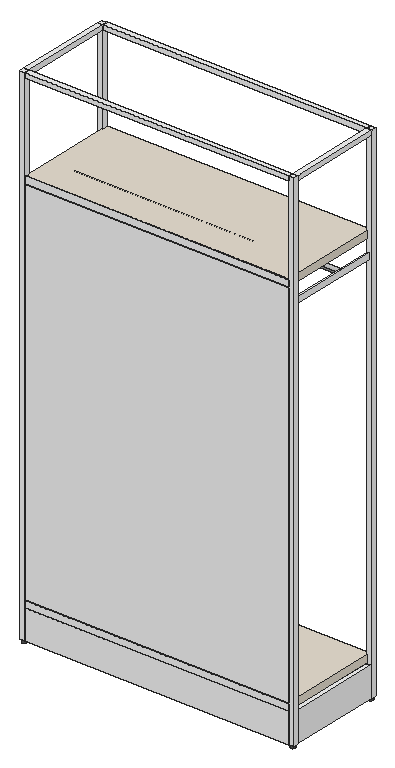
Revit family "Lives Shelf_Coat hanger Unit 1200W450D2236H_ML1EHMN_m01", category Furniture, Revit 2019
Family settings
  OmniClass Number = 23.40.20.00
  OmniClass Title = General Furniture and Specialties
  Work Plane-Based = No
  Always vertical = Yes
  Cut with Voids When Loaded = No
  Shared = No
  Room Calculation Point = No
Parameters (values of type "MU03（プライズウッドライト/ネオホワイト）")
  Manufacturer = "株式会社オカムラ"
  製品名称 [instance] = "ライブス シェルフ"  # constant formula
  製品仕様 [instance] = "コートハンガーユニット ハイタイプ 木棚板"  # constant formula
  製品コード/色仕様 = "ML1EHF"  # constant formula
  製品コード [instance] = "ML1EHF"  # constant formula
  製品カテゴリ = "クリエイティブファニチュア"  # constant formula
  色仕様名称 [instance] = "プライズウッドライト/ネオホワイト"
  色仕様コード [instance] = "MU03"
  支柱 = okm_ZA75
  天板 = okm_MX61
  導入日 [instance] = ""
  区分 = "シェルフ"  # constant formula
  共通仕様 = ""
  備考 = ""
  シリアルNo [instance] = ""
  Keynote = "12490"
  Assembly Code = "E2020200"
  W = 47.24409"
  URL = "http://www.okamura.co.jp/"
  Product_URL = ""
  ID [instance] = ""
  H = 88.0315"
  D = 17.71654"
  Copyright [instance] = "©2020.04 okamura Corp."  # constant formula
Types (15): name | 色仕様名称 | 色仕様コード | 支柱 | 天板
  (no name) | "プライズウッドライト/ネオホワイト" | "MU03" | okm_ZA75 | okm_MX61
  MDY7（プライズウッドライト/ブラック） | "プライズウッドライト/ブラック" | "MDY7" | okm_Z25 | okm_MX61
  MDY8（プライズウッドミディアム/ブラック） | "プライズウッドミディアム/ブラック" | "MDY8" | okm_Z25 | okm_MX62
  MDY9（プライズウッドダーク/ブラック） | "プライズウッドダーク/ブラック" | "MDY9" | okm_Z25 | okm_MX63
  MU03（プライズウッドライト/ネオホワイト） | "プライズウッドライト/ネオホワイト" | "MU03" | okm_ZA75 | okm_MX61
  MU04（プライズウッドミディアム/ネオホワイト） | "プライズウッドミディアム/ネオホワイト" | "MU04" | okm_ZA75 | okm_MX62
  MU05（プライズウッドダーク/ネオホワイト） | "プライズウッドダーク/ネオホワイト" | "MU05" | okm_ZA75 | okm_MX63
  MGM4（ビンテージエルム/ネオホワイト） | "ビンテージエルム/ネオホワイト" | "MGM4" | okm_ZA75 | okm_MEP4
  MGM1（チョークドエルム/ネオホワイト） | "チョークドエルム/ネオホワイト" | "MGM1" | okm_ZA75 | okm_MEP1
  MGM2（ソーンオーク/ネオホワイト） | "ソーンオーク/ネオホワイト" | "MGM2" | okm_ZA75 | okm_MEP2
  MGM3（ラスティックパイン/ネオホワイト） | "ラスティックパイン/ネオホワイト" | "MGM3" | okm_ZA75 | okm_MEP3
  MGL4（ビンテージエルム/ブラック） | "ビンテージエルム/ブラック" | "MGL4" | okm_Z25 | okm_MEP4
  MGL1（チョークドエルム/ブラック） | "チョークドエルム/ブラック" | "MGL1" | okm_Z25 | okm_MEP1
  MGL2（ソーンオーク/ブラック） | "ソーンオーク/ブラック" | "MGL2" | okm_Z25 | okm_MEP2
  MGL3（ラスティックパイン/ブラック） | "ラスティックパイン/ブラック" | "MGL3" | okm_Z25 | okm_MEP3
Reference planes (in)
  plane 1 "中心(正面/背面)": y = -3.93701
  plane 2: z = 0
  plane 3 "中心(左/右)": x = 0
  plane 4 "左": x = -23.62205
  plane 5 "右": x = 23.62205
  plane 6 "背面": y = 4.92126
  plane 7 "正面": y = -12.79528
  plane 8 "上": z = 88.0315
  plane 9: z = 87.20472
Forms (in)
  Extrusion 1, solid, material "okm_ZA75" <- "支柱"
    sketch origin (0, 0.04921, 0) x (1, 0, 0) y (0, 1, 0)
      loop
        line (22.69685, -11.91929) -> (22.69685, -12.74606) -> (23.52362, -12.74606) -> (23.52362, -11.91929) -> (22.69685, -11.91929)
      loop
        line (22.69685, 4.87205) -> (22.69685, 4.04528) -> (23.52362, 4.04528) -> (23.52362, 4.87205) -> (22.69685, 4.87205)
      loop
        line (-22.69685, -11.91929) -> (-23.52362, -11.91929) -> (-23.52362, -12.74606) -> (-22.69685, -12.74606) -> (-22.69685, -11.91929)
      loop
        line (-22.69685, 4.87205) -> (-23.52362, 4.87205) -> (-23.52362, 4.04528) -> (-22.69685, 4.04528) -> (-22.69685, 4.87205)
    from 0.3937 to 88.0315
  Extrusion 2, solid, material "okm_MX61" <- "天板"
    sketch origin (0, 0.04921, -7.45952) x (1, 0, 0) y (0, 1, 0)
      loop
        line (-22.61811, 4.87205) -> (-22.61811, -12.54921) -> (22.61811, -12.54921) -> (22.61811, 4.87205) -> (-22.61811, 4.87205)
    from 12.97134 to 14.15244
  Extrusion 3, solid, material "okm_ZA75" <- "支柱"
    sketch origin (0, 0.04921, 0) x (1, 0, 0) y (0, 1, 0)
      loop
        line (-23.52362, 4.04528) -> (-23.52362, -11.91929) -> (-22.69685, -11.91929) -> (-22.69685, 4.04528) -> (-23.52362, 4.04528)
      loop
        line (23.52362, 4.04528) -> (22.69685, 4.04528) -> (22.69685, -11.91929) -> (23.52362, -11.91929) -> (23.52362, 4.04528)
    from 88.0315 to 87.20472
  Extrusion 4, solid, material "okm_ZA75" <- "支柱"
    sketch origin (0, 0.04921, 18.11024) x (0, -1, 0) y (1, 0, 0)
      loop
        line (-4.04528, -22.61811) -> (-4.04528, -23.44488) -> (11.91929, -23.44488) -> (11.91929, -22.61811) -> (-4.04528, -22.61811)
      loop
        line (-4.04528, 23.44488) -> (-4.04528, 22.61811) -> (11.91929, 22.61811) -> (11.91929, 23.44488) -> (-4.04528, 23.44488)
    from -12.59843 to -17.71654
  Extrusion 5, solid, material "okm_ZA75" <- "支柱"
    sketch origin (-7.87402, -7.8248, 18.11024) x (-1, 0, 0) y (0, -1, 0)
      loop
        line (14.82283, -11.84055) -> (-30.57087, -11.84055) -> (-30.57087, -12.66732) -> (14.82283, -12.66732) -> (14.82283, -11.84055)
      loop
        line (14.82283, 4.79331) -> (-30.57087, 4.79331) -> (-30.57087, 3.96654) -> (14.82283, 3.96654) -> (14.82283, 4.79331)
    from -12.59843 to -17.71654
  Extrusion 6, solid, material "okm_G155"
    sketch origin (0, 0.04921, 0) x (1, 0, 0) y (0, 1, 0)
      loop
        circle (-23.11024, 4.45866) r 0.3937
      loop
        circle (-23.11024, -12.33268) r 0.3937
      loop
        circle (23.11024, 4.45866) r 0.3937
      loop
        circle (23.11024, -12.33268) r 0.3937
    from 0 to 0.3937
  Extrusion 7, solid, material "okm_ZA75" <- "支柱"
    sketch origin (-3.93701, 3.98622, 0) x (0, 1, 0) y (-1, 0, 0)
      loop
        line (-15.8563, -26.63386) -> (-15.8563, 18.75984) -> (-16.68307, 18.75984) -> (-16.68307, -26.63386) -> (-15.8563, -26.63386)
      loop
        line (0.93504, -26.63386) -> (0.93504, 18.75984) -> (0.10827, 18.75984) -> (0.10827, -26.63386) -> (0.93504, -26.63386)
    from 88.0315 to 87.20472
  Extrusion 8, solid, material "okm_MX61" <- "天板"
    sketch origin (0, 0.04921, 95.72642) x (1, 0, 0) y (0, 1, 0)
      loop
        line (-22.61811, 4.87205) -> (-22.61811, -12.54921) -> (22.61811, -12.54921) -> (22.61811, 4.87205) -> (-22.61811, 4.87205)
    from -24.86028 to -23.67918
  Extrusion 9, solid, material "okm_ZA75" <- "支柱"
    sketch origin (0, -3.93701, 0) x (1, 0, 0) y (0, 0, 1)
      loop
        line (-23.01181, 68.87008) -> (-23.01181, 67.88583) -> (-22.69685, 67.88583) -> (-22.69685, 68.87008) -> (-23.01181, 68.87008)
      loop
        line (22.69685, 68.87008) -> (22.69685, 67.88583) -> (23.01181, 67.88583) -> (23.01181, 68.87008) -> (22.69685, 68.87008)
    from -8.0315 to 7.93307
  Extrusion 10, solid, material "okm_FX4"
    sketch origin (0, 1.9685, 0) x (0, 1, 0) y (0, 0, 1)
      loop
        circle (-3.58268, 68.37795) r 0.43307
    from -22.69685 to 22.69685
  Extrusion 11, solid, material "okm_ZA75" <- "支柱"
    sketch origin (0, 0, 0) x (0, 1, 0) y (0, 0, 1)
      loop
        line (-12.69685, 70.70866) -> (-12.69685, 6.85039) -> (-11.87008, 6.85039) -> (-11.87008, 70.70866) -> (-12.69685, 70.70866)
      loop
        line (-12.69685, 72.04724) -> (-12.69685, 70.86614) -> (-12.5, 70.86614) -> (-12.5, 72.04724) -> (-12.69685, 72.04724)
      loop
        line (-12.5, 6.69291) -> (-12.69685, 6.69291) -> (-12.69685, 5.51181) -> (-12.5, 5.51181) -> (-12.5, 6.69291)
    from -22.61811 to 22.61811
Lines and regions (in)
  Masking region 1
    outline origin (0, 0, 0) x (1, 0, 0) y (0, 1, 0)
      loop
        line (-23.62205, 4.92126) -> (-23.62205, -12.79528) -> (23.62205, -12.79528) -> (23.62205, 4.92126) -> (-23.62205, 4.92126)
  symbolic lines, style "okm_簡略", detail levels coarse
    curve 1: line (23.62205, 4.92126, 0) -> (-23.62205, 4.92126, 0)
    curve 2: line (-23.62205, -12.79528, 0) -> (23.62205, -12.79528, 0)
    curve 3: line (-23.62205, 4.92126, 0) -> (-23.62205, -12.79528, 0)
    curve 7: line (23.62205, 4.92126, 0) -> (23.62205, -12.79528, 0)
    curve 13: line (23.62205, 4.09449, 0) -> (-23.62205, 4.09449, 0)
    curve 14: line (-23.62205, -11.9685, 0) -> (23.62205, -11.9685, 0)
    curve 15: line (-22.79528, 4.92126, 0) -> (-22.79528, -12.79528, 0)
    curve 16: line (22.79528, -12.79528, 0) -> (22.79528, 4.92126, 0)
    curve 17: line (-22.79528, -3.14961, 0) -> (22.79528, -3.14961, 0)
    curve 18: line (22.79528, -4.01575, 0) -> (-22.79528, -4.01575, 0)
  symbolic lines, style "okm_標準・詳細", detail levels medium+fine
    curve 4: line (-23.62205, 4.92126, 0) -> (23.62205, 4.92126, 0)
    curve 5: line (-23.62205, -12.79528, 0) -> (-23.62205, 4.92126, 0)
    curve 6: line (23.62205, -12.79528, 0) -> (-23.62205, -12.79528, 0)
    curve 8: line (23.62205, -12.79528, 0) -> (23.62205, 4.92126, 0)
    curve 9: line (23.62205, 4.09449, 0) -> (-23.62205, 4.09449, 0)
    curve 10: line (-22.79528, 4.92126, 0) -> (-22.79528, -12.79528, 0)
    curve 11: line (-23.62205, -11.9685, 0) -> (23.62205, -11.9685, 0)
    curve 12: line (22.79528, -12.79528, 0) -> (22.79528, 4.92126, 0)
    curve 19: line (22.79528, -3.14961, 0) -> (-22.79528, -3.14961, 0)
    curve 20: line (-22.79528, -4.01575, 0) -> (22.79528, -4.01575, 0)
Dimensions and locks (in)
  equal spacing: plane 4 "左", plane 3 "中心(左/右)", plane 5 "右"
  "W": plane 4 "左" to plane 5 "右"
  equal spacing: plane 7 "正面", plane 1 "中心(正面/背面)", plane 6 "背面"
  "D": plane 7 "正面" to plane 6 "背面"
  "H": plane 8 "上" to level
  locked: plane 8 "上" to plane 9 at 0.82677
  aligned and locked: level to plane 2
  aligned and locked: Extrusion 7 to Extrusion 1  (x4)
  aligned and locked: Extrusion 9 to Extrusion 1  (x2)
  aligned and locked: Extrusion 10 to Extrusion 1  (x2)
  aligned and locked: Extrusion 2 to plane 6 "背面"
Automatic sketch dimensions
  Masking region 1 sketch curve to plane 4 "左" = 0"
  Masking region 1 sketch curve to plane 5 "右" = 0"
  plane 7 "正面" to Masking region 1 sketch curve = 0"
  plane 6 "背面" to Masking region 1 sketch curve = 0"
  plane 6 "背面" to Extrusion 1 sketch curve = 0"  (x2)
  plane 4 "左" to Extrusion 1 sketch curve = 0.09843"  (x2)
  Extrusion 1 sketch curve to Extrusion 1 sketch curve = 0.82677"  (x4)
  Extrusion 1 sketch curve to plane 7 "正面" = 0.09843"  (x2)
  Extrusion 1 sketch curve to plane 5 "右" = 0.9252"  (x2)
  Extrusion 1 sketch curve to plane 5 "右" = 0.09843"  (x2)
  plane 6 "背面" to Extrusion 1 sketch curve = 0.82677"  (x2)
  plane 6 "背面" to Extrusion 2 sketch curve = 0"
  Extrusion 2 sketch curve to plane 7 "正面" = 0.29528"
  plane 4 "左" to Extrusion 2 sketch curve = 1.00394"
  Extrusion 2 sketch curve to plane 5 "右" = 1.00394"
  plane 4 "左" to Extrusion 3 sketch curve = 0.09843"
  Extrusion 3 sketch curve to Extrusion 3 sketch curve = 0.82677"
  Extrusion 3 sketch curve to plane 5 "右" = 0.9252"
  Extrusion 3 sketch curve to plane 5 "右" = 0.09843"
  Extrusion 3 sketch curve to plane 7 "正面" = 0.9252"  (x2)
  plane 6 "背面" to Extrusion 3 sketch curve = 0.82677"  (x2)
  plane 6 "背面" to Extrusion 4 sketch curve = 0.82677"  (x2)
  Extrusion 4 sketch curve to plane 7 "正面" = 0.9252"  (x2)
  Extrusion 4 sketch curve to plane 5 "右" = 0.17717"
  Extrusion 4 sketch curve to Extrusion 4 sketch curve = 0.82677"
  plane 4 "左" to Extrusion 4 sketch curve = 1.00394"
  plane 4 "左" to Extrusion 4 sketch curve = 0.17717"
  Extrusion 5 sketch curve to plane 5 "右" = 0.9252"  (x2)
  plane 4 "左" to Extrusion 5 sketch curve = 0.9252"  (x2)
  plane 6 "背面" to Extrusion 5 sketch curve = 0.07874"
  Extrusion 5 sketch curve to Extrusion 5 sketch curve = 0.82677"
  Extrusion 5 sketch curve to plane 7 "正面" = 1.00394"
  Extrusion 5 sketch curve to plane 7 "正面" = 0.17717"
  plane 4 "左" to Extrusion 6 sketch curve = 0.51181"  (x2)
  Extrusion 6 sketch curve to plane 5 "右" = 0.51181"  (x2)
  Extrusion 6 sketch curve to plane 7 "正面" = 0.51181"  (x2)
  plane 6 "背面" to Extrusion 6 sketch curve = 0.41339"  (x2)
  plane 6 "背面" to Extrusion 7 sketch curve = 0"
  Extrusion 7 sketch curve to plane 6 "背面" = 0.82677"
  plane 7 "正面" to Extrusion 7 sketch curve = 0.9252"
  plane 7 "正面" to Extrusion 7 sketch curve = 0.09843"
  Extrusion 7 sketch curve to plane 4 "左" = 0.9252"  (x2)
  plane 5 "右" to Extrusion 7 sketch curve = 0.9252"  (x2)
  plane 6 "背面" to Extrusion 8 sketch curve = 0"
  Extrusion 8 sketch curve to plane 7 "正面" = 0.29528"
  plane 4 "左" to Extrusion 8 sketch curve = 1.00394"
  Extrusion 8 sketch curve to plane 5 "右" = 1.00394"
  plane 4 "左" to Extrusion 9 sketch curve = 0.61024"
  Extrusion 9 sketch curve to Extrusion 9 sketch curve = 0.31496"  (x2)
  Extrusion 9 sketch curve to plane 5 "右" = 0.9252"
  Extrusion 9 sketch curve to plane 9 = 19.3189"  (x2)
  Extrusion 9 sketch curve to Extrusion 9 sketch curve = 0.98425"  (x2)
  Extrusion 10 sketch curve to plane 1 "中心(正面/背面)" = 2.32283"
  Extrusion 10 sketch curve to plane 9 = 18.82677"
  Extrusion 11 sketch curve to plane 7 "正面" = 0.09843"  (x3)
  Extrusion 11 sketch curve to Extrusion 11 sketch curve = 0.19685"  (x2)
  Extrusion 11 sketch curve to Extrusion 11 sketch curve = 0.62992"
  level to Extrusion 11 sketch curve = 5.51181"
  Extrusion 11 sketch curve to Extrusion 11 sketch curve = 1.1811"  (x2)
  Extrusion 11 sketch curve to Extrusion 11 sketch curve = 0.15748"  (x2)
  Extrusion 11 sketch curve to plane 9 = 16.49606"
  curve 11 to plane 4 "左" = 0"
  plane 6 "背面" to curve 15 = 0"
  plane 7 "正面" to curve 15 = 0"
  curve 14 to plane 5 "右" = 0"
  plane 1 "中心(正面/背面)" to curve 20 = 0.07874"
  plane 4 "左" to curve 20 = 0.82677"
  plane 4 "左" to curve 15 = 0.82677"
  curve 16 to plane 5 "右" = 0.82677"
  curve 12 to curve 16 = 0"
  curve 11 to plane 7 "正面" = 0.82677"
  curve 14 to curve 11 = 0"
  curve 18 to curve 20 = 0"
  curve 19 to plane 1 "中心(正面/背面)" = 0.7874"
  curve 17 to curve 19 = 0"
  curve 13 to curve 1 = 0.82677"
  curve 9 to curve 13 = 0"
  radius of Extrusion 6 sketch curve = 0.3937"  (x4)
  radius of Extrusion 10 sketch curve = 0.43307"
